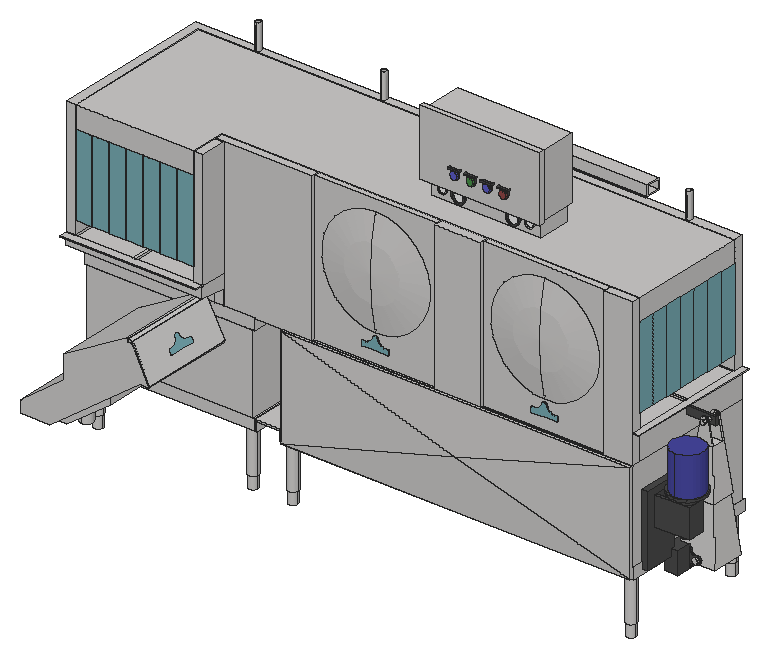
Revit family (continued)
Dimensions and locks (in)
  locked: plane 19 to plane 2 "Left of Main Body" at 0.25
  locked: plane 5 "RIGHT" to plane 20 at 0.25
  locked: plane 3 "BACK" to plane 21 at 1.625
  locked: plane 6 "FRONT" to plane 22 at 1.625
  equal spacing: plane 2 "Left of Main Body", plane 23 "Door Center", plane 5 "RIGHT"
  "Single Door Opening": plane 24 to plane 25
  locked: plane 14 "Top of Machine" to plane 26 "Top of Opening" at 4
  locked: plane 23 "Door Center" to Blend 6 sketch curve at 0.03125  (x2)
  locked: Extrusion 9 sketch curve to plane 22 at 1.125
  locked: plane 27 to level at 2.25
  plane 19 to Extrusion 10 sketch curve = 0' - 1 1/4"
  plane 18 to Extrusion 10 sketch curve = 0' - 1 1/2"
  locked: plane 18 to Extrusion 11 sketch curve at 1.5
  locked: plane 19 to Extrusion 11 sketch curve at 1.25
  locked: plane 18 to Extrusion 12 sketch curve at 1.5
  locked: Extrusion 12 sketch curve to plane 20 at 1.25
  locked: Extrusion 13 sketch curve to plane 20 at 1.25
  locked: plane 18 to Extrusion 13 sketch curve at 1.5
  locked: Extrusion 16 sketch curve to plane 20 at 1.25
  locked: Extrusion 16 sketch curve to plane 17 at 1.5
  locked: Extrusion 17 sketch curve to plane 20 at 1.25
  locked: Extrusion 17 sketch curve to plane 17 at 1.5
  locked: Extrusion 14 sketch curve to plane 17 at 1.5
  locked: plane 19 to Extrusion 14 sketch curve at 1.25
  locked: Extrusion 15 sketch curve to plane 17 at 1.5
  locked: plane 19 to Extrusion 15 sketch curve at 1.25
  plane 32 "Front of Lower Panel" to plane 6 "FRONT" = 0' - 6 1/2"
  locked: plane 33 to plane 32 "Front of Lower Panel" at 6
  locked: plane 34 to plane 6 "FRONT" at 6
  locked: plane 35 "Back of Panel" to plane 34 at 7
  locked: plane 34 to plane 36 "Front of Upper Panel" at 1
  locked: Extrusion 22 sketch curve to plane 28 at 5
  locked: Extrusion 22 sketch curve to plane 14 "Top of Machine" at 1.5
  locked: Extrusion 23 sketch curve to plane 28 at 2
  locked: Extrusion 23 sketch curve to plane 14 "Top of Machine" at 1.75
  locked: Extrusion 26 sketch curve to plane 29 at 5
  locked: Extrusion 26 sketch curve to plane 14 "Top of Machine" at 1.5
  locked: Extrusion 27 sketch curve to plane 29 at 2
  locked: Extrusion 27 sketch curve to plane 14 "Top of Machine" at 1.75
  Extrusion 34 sketch curve to plane 30 = 1' - 3 1/2"
  locked: Extrusion 36 sketch curve to plane 15 "Panel Top" at 4.12493
  locked: plane 39 to plane 10 "Right End Cowl" at 0.125
  locked: plane 11 to plane 40 at 3.875
  locked: plane 41 to plane 42 at 24.875
  locked: plane 42 to plane 6 "FRONT" at 0.0625
  plane 43 "Top of Vents" to plane 14 "Top of Machine" = 0' - 4"
  locked: Extrusion 41 sketch curve to plane 5 "RIGHT" at 1.375
  plane 5 "RIGHT" to Extrusion 43 sketch curve = 0' - 6 1/4"
  plane 5 "RIGHT" to Extrusion 46 sketch curve = 0' - 6 1/4"
  plane 5 "RIGHT" to Extrusion 47 sketch curve = 0' - 6 1/4"
  plane 5 "RIGHT" to Blend 45 sketch curve = 0' - 6 1/4"
  locked: Extrusion 58 sketch curve to plane 3 "BACK" at 0.75
  locked: plane 47 to plane 14 "Top of Machine" at 2
  locked: plane 46 to plane 3 "BACK" at 3
  Extrusion 61 sketch curve to plane 14 "Top of Machine" = 1' - 1"
  locked: plane 31 to Extrusion 61 sketch curve at 1
  Extrusion 62 sketch curve to plane 3 "BACK" = 0' - 3"
  locked: plane 48 to plane 3 "BACK" at 5
  locked: plane 49 to plane 14 "Top of Machine" at 29
  "Single Door Opening": plane 50 to plane 51
  locked: Extrusion 58 sketch curve to plane 5 "RIGHT" at 9
  locked: Extrusion 71 sketch curve to plane 3 "BACK" at 0.75
  locked: plane 40 to plane 39 at 2.9375
  locked: plane 5 "RIGHT" to plane 10 "Right End Cowl" at 10
  locked: plane 51 to plane 5 "RIGHT" at 5.25
  locked: plane 2 "Left of Main Body" to plane 24 at 5.25
  locked: plane 24 to plane 52 at 0.25
  locked: plane 53 to plane 25 at 0.125
  locked: plane 54 to plane 25 at 1.4375
  locked: plane 50 to plane 55 at 0.125
  locked: plane 50 to plane 56 at 1.4375
  locked: plane 57 to plane 51 at 0.25
  locked: plane 58 "LEFT" to plane 2 "Left of Main Body" at 36
  plane 58 "LEFT" to plane 5 "RIGHT" = 8' - 4"
  locked: plane 61 to plane 60 at 1.5
  locked: plane 62 to plane 60 at 0.1875
  locked: plane 60 to plane 65 at 10
  locked: plane 60 to plane 63 at 3.0625
  locked: plane 64 to plane 63 at 3.875
  locked: plane 65 to plane 66 at 0.125
  locked: plane 59 to plane 67 at 1.625
  locked: plane 59 to plane 69 at 10.125
  locked: plane 69 to plane 70 at 4
  locked: plane 59 to plane 72 at 5.5
  locked: plane 73 to plane 59 at 1
  Extrusion 62 sketch curve to plane 5 "RIGHT" = 0' - 5"
  plane 59 to Extrusion 71 sketch curve = 2' - 11.00274"
  plane 68 to plane 3 "BACK" = 3' - 7"
  aligned and locked: level to plane 1
  aligned and locked: Extrusion 1 sketch curve to plane 18
  aligned and locked: Extrusion 1 sketch curve to plane 19
  aligned and locked: plane 20 to Extrusion 1 sketch curve
  aligned and locked: Extrusion 1 to plane 12 "Bottom of Machine"
  aligned and locked: plane 16 to Extrusion 1
  aligned and locked: plane 2 "Left of Main Body" to Extrusion 2 sketch curve
  aligned and locked: Extrusion 2 sketch curve to plane 5 "RIGHT"
  aligned and locked: plane 6 "FRONT" to Extrusion 2 sketch curve
  aligned and locked: plane 3 "BACK" to Extrusion 2 sketch curve
  aligned and locked: plane 15 "Panel Top" to Extrusion 2
  aligned and locked: Extrusion 2 to plane 16
  aligned and locked: plane 5 "RIGHT" to Extrusion 3 sketch curve
  aligned and locked: plane 6 "FRONT" to Extrusion 3 sketch curve
  aligned and locked: plane 9 "Right of Ledge" to Extrusion 3 sketch curve
  aligned and locked: plane 3 "BACK" to Extrusion 3 sketch curve
  aligned and locked: plane 3 "BACK" to Extrusion 4 sketch curve
  aligned and locked: Extrusion 4 sketch curve to plane 22
  aligned and locked: Extrusion 4 to plane 15 "Panel Top"
  aligned and locked: Extrusion 5 sketch curve to plane 24
  aligned and locked: plane 15 "Panel Top" to Extrusion 5 sketch curve
  aligned and locked: Extrusion 5 to plane 22
  aligned and locked: Extrusion 5 sketch curve to plane 14 "Top of Machine"
  aligned and locked: plane 2 "Left of Main Body" to Blend 6 sketch curve
  aligned and locked: plane 12 "Bottom of Machine" to Blend 6 sketch curve
  aligned and locked: Blend 6 sketch curve to plane 15 "Panel Top"
  aligned and locked: Blend 6 sketch curve to plane 5 "RIGHT"
  aligned and locked: plane 6 "FRONT" to Extrusion 1 sketch curve
  aligned and locked: plane 2 "Left of Main Body" to Extrusion 7 sketch curve
  aligned and locked: Extrusion 7 sketch curve to plane 6 "FRONT"
  aligned and locked: plane 17 to Extrusion 7 sketch curve
  aligned and locked: Extrusion 7 sketch curve to plane 5 "RIGHT"
  aligned and locked: Extrusion 7 to plane 12 "Bottom of Machine"
  aligned and locked: plane 15 "Panel Top" to Extrusion 7
  aligned and locked: Extrusion 8 sketch curve to plane 14 "Top of Machine"
  aligned and locked: Extrusion 8 sketch curve to plane 5 "RIGHT"
  aligned and locked: plane 15 "Panel Top" to Extrusion 8 sketch curve
  aligned and locked: Extrusion 8 to plane 22
  aligned and locked: Extrusion 9 sketch curve to plane 25
  aligned and locked: plane 22 to Extrusion 9 sketch curve
  aligned and locked: plane 24 to Extrusion 9 sketch curve
  aligned and locked: Extrusion 9 to plane 15 "Panel Top"
  aligned and locked: plane 27 to Extrusion 10
  aligned and locked: Extrusion 11 to plane 27
  aligned and locked: plane 12 "Bottom of Machine" to Extrusion 11
  aligned and locked: plane 22 to Extrusion 18 sketch curve
  aligned and locked: plane 5 "RIGHT" to Extrusion 18 sketch curve  (x7)
  aligned and locked: plane 21 to Extrusion 18 sketch curve
  aligned and locked: Extrusion 19 sketch curve to plane 33
  aligned and locked: plane 32 "Front of Lower Panel" to Extrusion 19 sketch curve
  aligned and locked: plane 28 to Extrusion 19 sketch curve
  aligned and locked: plane 29 to Extrusion 19 sketch curve
  aligned and locked: Extrusion 20 sketch curve to plane 35 "Back of Panel"
  aligned and locked: plane 34 to Extrusion 20 sketch curve
  aligned and locked: plane 37 to Extrusion 20 sketch curve
  aligned and locked: Extrusion 20 sketch curve to plane 38
  aligned and locked: Extrusion 21 sketch curve to plane 34
  aligned and locked: plane 36 "Front of Upper Panel" to Extrusion 21 sketch curve
  aligned and locked: plane 30 to Extrusion 21 sketch curve
  aligned and locked: Extrusion 21 sketch curve to plane 31
  aligned and locked: Extrusion 24 sketch curve to Extrusion 23  (x2)
  aligned and locked: Extrusion 25 sketch curve to Extrusion 22  (x2)
  aligned and locked: Extrusion 28 sketch curve to Extrusion 27  (x2)
  aligned and locked: Extrusion 29 sketch curve to Extrusion 26  (x2)
  aligned and locked: Extrusion 37 sketch curve to plane 14 "Top of Machine"
  aligned and locked: Extrusion 37 sketch curve to plane 6 "FRONT"
  aligned and locked: plane 22 to Extrusion 37 sketch curve
  aligned and locked: plane 21 to Extrusion 37 sketch curve
  aligned and locked: plane 3 "BACK" to Extrusion 37 sketch curve
  aligned and locked: plane 6 "FRONT" to Extrusion 38 sketch curve
  aligned and locked: Extrusion 38 sketch curve to plane 14 "Top of Machine"
  aligned and locked: plane 3 "BACK" to Extrusion 38 sketch curve
  aligned and locked: plane 21 to Extrusion 38 sketch curve
  aligned and locked: plane 26 "Top of Opening" to Extrusion 38 sketch curve
  aligned and locked: plane 22 to Extrusion 38 sketch curve
  aligned and locked: Extrusion 38 to plane 39
  aligned and locked: plane 39 to Extrusion 37
  aligned and locked: Extrusion 39 sketch curve to plane 11
  aligned and locked: plane 40 to Extrusion 39 sketch curve
  aligned and locked: plane 41 to Extrusion 39 sketch curve
  aligned and locked: Extrusion 39 sketch curve to plane 42
  aligned and locked: Extrusion 40 sketch curve to Extrusion 39  (x4)
  aligned and locked: Extrusion 44 sketch curve to Extrusion 42
  aligned and locked: Blend 45 sketch curve to Extrusion 44  (x2)
  aligned and locked: Extrusion 54 sketch curve to Extrusion 52  (x2)
  aligned and locked: Extrusion 41 to plane 5 "RIGHT"
  aligned and locked: Extrusion 48 to plane 5 "RIGHT"
  aligned: nested 1 to cut or joined group of Extrusion 37, Extrusion 40
  aligned and locked: plane 11 to nested 1
  aligned and locked: plane 40 to nested 1
  aligned and locked: plane 42 to nested 1
  aligned and locked: nested 1 to plane 41
  aligned and locked: Extrusion 59 to plane 44
  aligned and locked: Extrusion 59 to plane 45
  aligned and locked: Extrusion 60 to plane 45
  aligned and locked: Extrusion 60 to plane 44
  aligned and locked: plane 3 "BACK" to curve 1
  aligned and locked: curve 3 to plane 5 "RIGHT"
  aligned and locked: plane 6 "FRONT" to curve 2
  aligned and locked: curve 5 to plane 10 "Right End Cowl"
  aligned and locked: plane 44 to curve 7
  aligned and locked: plane 45 to curve 9
  aligned and locked: curve 8 to plane 46
  aligned and locked: plane 9 "Right of Ledge" to curve 10
  aligned and locked: curve 11 to plane 35 "Back of Panel"
  aligned and locked: plane 34 to curve 13
  aligned and locked: plane 37 to curve 12
  aligned and locked: curve 14 to plane 38
  aligned and locked: plane 30 to curve 18
  aligned and locked: plane 36 "Front of Upper Panel" to curve 17
  aligned and locked: curve 16 to plane 31
  aligned and locked: plane 42 to curve 22
  aligned and locked: curve 23 to plane 40
  aligned and locked: plane 11 to curve 21
  aligned and locked: curve 20 to plane 41
  aligned and locked: Extrusion 63 sketch curve to plane 18  (x2)
  aligned and locked: plane 48 to Extrusion 63 sketch curve
  aligned and locked: plane 45 to Extrusion 63 sketch curve
  aligned and locked: Extrusion 63 sketch curve to plane 46
  aligned and locked: plane 44 to Extrusion 63 sketch curve
  aligned: plane 43 "Top of Vents" to Extrusion 63
  aligned and locked: plane 4 "TOP" to Extrusion 63
  aligned and locked: plane 14 "Top of Machine" to Extrusion 64 sketch curve
  aligned and locked: Extrusion 64 sketch curve to plane 25
  aligned and locked: plane 24 to Extrusion 64 sketch curve
  aligned and locked: Extrusion 64 sketch curve to plane 49
  aligned and locked: Extrusion 64 to plane 22
  aligned and locked: Extrusion 63 sketch curve to plane 9 "Right of Ledge"
  aligned and locked: Extrusion 65 sketch curve to plane 48
  aligned and locked: Extrusion 65 sketch curve to plane 9 "Right of Ledge"
  aligned and locked: plane 18 to Extrusion 65 sketch curve
  aligned and locked: Extrusion 65 sketch curve to plane 10 "Right End Cowl"
  aligned and locked: plane 4 "TOP" to Extrusion 65
  aligned and locked: curve 26 to plane 10 "Right End Cowl"
  aligned and locked: curve 25 to plane 48
  aligned and locked: Extrusion 67 sketch curve to plane 51
  aligned and locked: plane 50 to Extrusion 67 sketch curve
  aligned and locked: Extrusion 68 sketch curve to plane 51
  aligned and locked: plane 50 to Extrusion 68 sketch curve
  aligned and locked: plane 51 to Extrusion 8 sketch curve
  aligned and locked: plane 25 to Extrusion 70 sketch curve
  aligned and locked: Extrusion 70 sketch curve to plane 50
  aligned and locked: Extrusion 70 sketch curve to plane 14 "Top of Machine"
  aligned and locked: plane 15 "Panel Top" to Extrusion 70 sketch curve
  aligned and locked: Extrusion 70 to plane 22
  aligned and locked: Extrusion 70 to plane 6 "FRONT"
  aligned and locked: Extrusion 72 sketch curve to Extrusion 62  (x2)
  aligned and locked: plane 22 to Extrusion 74 sketch curve
  aligned and locked: plane 52 to Extrusion 74 sketch curve
  aligned and locked: plane 6 "FRONT" to Extrusion 74 sketch curve
  aligned and locked: Extrusion 74 sketch curve to plane 53
  aligned and locked: plane 55 to Extrusion 75 sketch curve
  aligned and locked: Extrusion 75 sketch curve to plane 57
  aligned and locked: plane 22 to Extrusion 75 sketch curve
  aligned and locked: plane 6 "FRONT" to Extrusion 75 sketch curve
  aligned and locked: Extrusion 74 to plane 15 "Panel Top"
  aligned and locked: Extrusion 75 to plane 15 "Panel Top"
  aligned and locked: plane 24 to curve 38
  aligned and locked: plane 51 to curve 43
  aligned and locked: plane 59 to Extrusion 91 sketch curve
  aligned and locked: plane 60 to Extrusion 84 sketch curve
  aligned and locked: plane 59 to Extrusion 84 sketch curve
  aligned and locked: Extrusion 84 sketch curve to plane 67
  aligned and locked: plane 59 to Extrusion 82 sketch curve
  aligned and locked: plane 67 to Extrusion 82 sketch curve
  aligned and locked: Extrusion 82 sketch curve to plane 60
  aligned and locked: plane 60 to Extrusion 94 sketch curve
  aligned and locked: Extrusion 83 sketch curve to plane 60
  aligned and locked: plane 69 to Extrusion 104 sketch curve
  aligned and locked: Extrusion 104 sketch curve to plane 70
  aligned and locked: Extrusion 110 sketch curve to Extrusion 109  (x2)
  aligned and locked: plane 60 to Extrusion 114 sketch curve
  aligned and locked: plane 73 to Extrusion 114 sketch curve
  aligned and locked: cut or joined group of Extrusion 37, Extrusion 40 to plane 5 "RIGHT"
Automatic sketch dimensions
  Extrusion 30 sketch curve to Extrusion 30 sketch curve = 0' - 1"  (x3)
  Extrusion 30 sketch curve to Extrusion 30 sketch curve = 0' - 0 1/4"  (x5)
  Extrusion 30 sketch curve to Extrusion 30 sketch curve = 0' - 0"  (x2)
  Extrusion 35 sketch curve to Extrusion 35 sketch curve = 0' - 1 1/2"  (x3)
  Extrusion 35 sketch curve to Extrusion 35 sketch curve = 0' - 0 3/4"  (x4)
  Extrusion 35 sketch curve to Extrusion 35 sketch curve = 0' - 0"  (x3)
  Extrusion 35 sketch curve to Extrusion 35 sketch curve = 0' - 0 7/8"  (x4)
  Extrusion 30 sketch curve to Extrusion 30 sketch curve = 0' - 2"  (x4)
  Extrusion 117 sketch curve to Extrusion 117 sketch curve = 0' - 1"  (x3)
  Extrusion 117 sketch curve to Extrusion 117 sketch curve = 0' - 0 1/4"  (x5)
  Extrusion 117 sketch curve to Extrusion 117 sketch curve = 0' - 0"  (x2)
  Extrusion 122 sketch curve to Extrusion 122 sketch curve = 0' - 1 1/2"  (x3)
  Extrusion 122 sketch curve to Extrusion 122 sketch curve = 0' - 0 3/4"  (x4)
  Extrusion 122 sketch curve to Extrusion 122 sketch curve = 0' - 0"  (x3)
  Extrusion 122 sketch curve to Extrusion 122 sketch curve = 0' - 0 7/8"  (x4)
  Extrusion 117 sketch curve to Extrusion 117 sketch curve = 0' - 2"  (x4)
  curve 24 to plane 73 = 0' - 0"
  curve 49 to plane 59 = 0' - 0"
  plane 68 to curve 52 = 0' - 0"
  plane 65 to curve 50 = 0' - 0"
  plane 63 to curve 50 = 0' - 0"
  plane 65 to curve 55 = 0' - 0"
  plane 63 to curve 55 = 0' - 0"
  plane 61 to curve 49 = 0' - 0"
  curve 48 to plane 60 = 0' - 0"
  plane 22 to curve 27 = 0' - 0"
  curve 27 to plane 24 = 0' - 0"
  curve 28 to plane 25 = 0' - 0"
  plane 22 to curve 32 = 0' - 0"
  curve 32 to plane 50 = 0' - 0"
  curve 34 to plane 51 = 0' - 0"
  curve 25 to plane 9 "Right of Ledge" = 0' - 0"
  plane 65 to curve 63 = 0' - 0"
  curve 63 to plane 60 = 0' - 0"
  curve 29 to plane 6 "FRONT" = 0' - 0"
  curve 33 to plane 6 "FRONT" = 0' - 0"
  curve 27 to plane 6 "FRONT" = 0' - 0"
  curve 31 to plane 6 "FRONT" = 0' - 0"
  curve 26 to plane 18 = 0' - 0"
  plane 67 to curve 52 = 0' - 0 1/2"
  curve 55 to plane 70 = 0' - 7.65172"
  curve 55 to curve 49 = 0' - 3.22328"
  curve 54 to curve 53 = 0' - 4.14695"
  curve 53 to plane 17 = 0' - 0.31996"
  curve 47 to plane 6 "FRONT" = 0' - 0.00746"
  plane 42 to curve 34 = 0' - 0 7/16"
  plane 42 to curve 30 = 0' - 0 7/16"
  plane 3 "BACK" to curve 46 = 0' - 0.00746"
  Extrusion 4 sketch curve to plane 6 "FRONT" = 0' - 0"
  Extrusion 4 sketch curve to plane 5 "RIGHT" = 0' - 0"
  Extrusion 4 sketch curve to plane 58 "LEFT" = 0' - 0"
  plane 19 to Extrusion 4 sketch curve = 0' - 10.72149"
  plane 19 to Extrusion 5 sketch curve = 1' - 0.34649"
  plane 16 to Blend 6 sketch curve = 0' - 7 7/32"
  Blend 6 sketch curve to Blend 6 sketch curve = 0' - 0 1/16"
  Extrusion 18 sketch curve to plane 36 "Front of Upper Panel" = 0' - 0 3/8"
  Extrusion 18 sketch curve to Extrusion 18 sketch curve = 0' - 0 1/8"  (x6)
  plane 32 "Front of Lower Panel" to Extrusion 18 sketch curve = 0' - 1 1/4"
  Extrusion 18 sketch curve to plane 33 = 0' - 1 5/8"
  Extrusion 18 sketch curve to plane 5 "RIGHT" = 0' - 0 1/8"  (x7)
  plane 35 "Back of Panel" to Extrusion 18 sketch curve = 0' - 1"
  Extrusion 18 sketch curve to Extrusion 18 sketch curve = 0' - 3"  (x2)
  Extrusion 22 sketch curve to Extrusion 22 sketch curve = 0' - 0"  (x2)
  Extrusion 23 sketch curve to Extrusion 23 sketch curve = 0' - 0"  (x2)
  Extrusion 26 sketch curve to Extrusion 26 sketch curve = 0' - 0"  (x2)
  Extrusion 27 sketch curve to Extrusion 27 sketch curve = 0' - 0"  (x2)
  plane 44 to Extrusion 36 sketch curve = 0' - 1.49793"
  Extrusion 36 sketch curve to Extrusion 36 sketch curve = 0' - 0.25142"  (x2)
  Extrusion 36 sketch curve to Extrusion 36 sketch curve = 0' - 0.25483"
  plane 44 to Extrusion 36 sketch curve = 0' - 0.94306"
  Extrusion 36 sketch curve to plane 44 = 0' - 0.38874"
  Extrusion 36 sketch curve to plane 44 = 0' - 0.58031"
  Extrusion 36 sketch curve to Extrusion 36 sketch curve = 0' - 0.41934"
  Extrusion 36 sketch curve to plane 44 = 0' - 1"
  Extrusion 36 sketch curve to Extrusion 36 sketch curve = 0' - 0.42496"
  Extrusion 36 sketch curve to Extrusion 36 sketch curve = 0' - 0"
  Extrusion 36 sketch curve to Extrusion 36 sketch curve = 0' - 1.22253"
  Extrusion 36 sketch curve to Extrusion 36 sketch curve = 0' - 1.51845"
  Extrusion 36 sketch curve to Extrusion 36 sketch curve = 0' - 1.63184"
  Extrusion 36 sketch curve to Extrusion 36 sketch curve = 0' - 0.00341"
  Extrusion 36 sketch curve to plane 13 "Table Height" = 0' - 2.43574"  (x2)
  Extrusion 36 sketch curve to Extrusion 36 sketch curve = 0' - 0.48493"  (x2)
  Extrusion 36 sketch curve to Extrusion 36 sketch curve = 0' - 0.08323"
  plane 16 to Extrusion 36 sketch curve = 0' - 6.6719"
  Extrusion 37 sketch curve to plane 41 = 0' - 0 1/16"
  plane 42 to Extrusion 37 sketch curve = 0' - 0 1/16"
  Extrusion 37 sketch curve to plane 14 "Top of Machine" = 0' - 0 1/8"
  Extrusion 37 sketch curve to plane 26 "Top of Opening" = 0' - 0.88572"
  Extrusion 37 sketch curve to Extrusion 37 sketch curve = 0' - 0.05178"  (x2)
  Extrusion 37 sketch curve to Extrusion 37 sketch curve = 0' - 1 1/2"  (x2)
  Extrusion 37 sketch curve to Extrusion 37 sketch curve = 0' - 0.17678"  (x2)
  plane 13 "Table Height" to Extrusion 37 sketch curve = 0' - 5.17678"
  Extrusion 38 sketch curve to plane 26 "Top of Opening" = 0' - 0 15/16"
  Extrusion 38 sketch curve to Extrusion 38 sketch curve = 0' - 1 5/8"  (x2)
  plane 13 "Table Height" to Extrusion 38 sketch curve = 0' - 5 1/8"
  Extrusion 39 sketch curve to plane 42 = 0' - 0 1/8"
  plane 41 to Extrusion 39 sketch curve = 0' - 0 1/8"
  Extrusion 39 sketch curve to plane 11 = 0' - 0 1/8"
  plane 40 to Extrusion 39 sketch curve = 0' - 0 1/8"
  plane 20 to Extrusion 41 sketch curve = 0' - 0"
  Extrusion 41 sketch curve to plane 5 "RIGHT" = 0' - 0"
  Extrusion 41 sketch curve to plane 16 = 0' - 0"
  plane 12 "Bottom of Machine" to Extrusion 41 sketch curve = 0' - 0 15/16"
  Extrusion 41 sketch curve to plane 15 "Panel Top" = 0' - 4 9/16"
  Extrusion 42 sketch curve to plane 22 = 0' - 1 5/8"
  Extrusion 42 sketch curve to plane 40 = 0' - 0 11/16"  (x2)
  Extrusion 42 sketch curve to plane 36 "Front of Upper Panel" = 0' - 1 1/2"
  Extrusion 42 sketch curve to plane 36 "Front of Upper Panel" = 0' - 0 3/16"
  Extrusion 42 sketch curve to plane 32 "Front of Lower Panel" = 0' - 0 1/8"
  plane 40 to Extrusion 42 sketch curve = 0' - 0 15/16"
  Extrusion 42 sketch curve to plane 9 "Right of Ledge" = 0' - 0 3/8"
  Extrusion 42 sketch curve to plane 9 "Right of Ledge" = 0' - 0 1/8"
  Extrusion 43 sketch curve to plane 36 "Front of Upper Panel" = 0' - 0 3/16"
  Blend 45 sketch curve to plane 36 "Front of Upper Panel" = 0' - 0 3/16"
  Extrusion 46 sketch curve to plane 36 "Front of Upper Panel" = 0' - 0 3/16"
  Extrusion 47 sketch curve to plane 36 "Front of Upper Panel" = 0' - 0 3/16"
  Extrusion 48 sketch curve to plane 5 "RIGHT" = 0' - 0"
  plane 11 to Extrusion 48 sketch curve = 0' - 1 3/16"
  Extrusion 48 sketch curve to plane 40 = 0' - 1 7/16"
  Extrusion 48 sketch curve to plane 13 "Table Height" = 0' - 2 5/16"
  Extrusion 48 sketch curve to Extrusion 48 sketch curve = 0' - 0 3/4"
  Extrusion 48 sketch curve to plane 13 "Table Height" = 0' - 0 13/16"
  Extrusion 49 sketch curve to plane 16 = 0' - 0"
  plane 20 to Extrusion 49 sketch curve = 0' - 0"
  Extrusion 49 sketch curve to plane 5 "RIGHT" = 0' - 0"
  Extrusion 49 sketch curve to plane 11 = 0' - 0 5/16"
  Extrusion 49 sketch curve to plane 12 "Bottom of Machine" = 0' - 1 9/16"
  Extrusion 49 sketch curve to Extrusion 49 sketch curve = 0' - 0 7/16"
  Extrusion 50 sketch curve to Extrusion 50 sketch curve = 0' - 0"  (x2)
  plane 12 "Bottom of Machine" to Extrusion 50 sketch curve = 0' - 0 7/16"
  plane 11 to Extrusion 50 sketch curve = 0' - 1 3/16"
  plane 11 to Extrusion 50 sketch curve = 0' - 0 9/16"  (x2)
  Extrusion 50 sketch curve to plane 12 "Bottom of Machine" = 0' - 0 5/16"
  plane 11 to Extrusion 50 sketch curve = 0' - 0 3/16"  (x2)
  Extrusion 50 sketch curve to plane 11 = 0' - 0 1/16"  (x2)
  Extrusion 50 sketch curve to Extrusion 50 sketch curve = 0' - 0 1/4"
  Extrusion 50 sketch curve to Extrusion 50 sketch curve = 0' - 0 5/16"
  Extrusion 50 sketch curve to plane 16 = 0' - 0 1/8"
  Extrusion 51 sketch curve to Extrusion 51 sketch curve = 0' - 0"  (x2)
  plane 12 "Bottom of Machine" to Extrusion 51 sketch curve = 0' - 0 7/16"
  plane 11 to Extrusion 51 sketch curve = 0' - 1 3/16"
  plane 11 to Extrusion 51 sketch curve = 0' - 0 9/16"  (x2)
  Extrusion 51 sketch curve to plane 12 "Bottom of Machine" = 0' - 0 5/16"
  plane 11 to Extrusion 51 sketch curve = 0' - 0 3/16"  (x2)
  Extrusion 51 sketch curve to plane 11 = 0' - 0 1/16"  (x2)
  Extrusion 51 sketch curve to Extrusion 51 sketch curve = 0' - 0 1/4"
  Extrusion 51 sketch curve to Extrusion 51 sketch curve = 0' - 0 5/16"
  Extrusion 51 sketch curve to plane 16 = 0' - 0 1/8"
  Extrusion 52 sketch curve to Extrusion 52 sketch curve = 0' - 0"  (x6)
  plane 15 "Panel Top" to Extrusion 52 sketch curve = 0' - 0 3/16"
  Extrusion 52 sketch curve to plane 40 = 0' - 1 1/4"
  plane 11 to Extrusion 52 sketch curve = 0' - 1.92562"
  Extrusion 52 sketch curve to Extrusion 52 sketch curve = 0' - 0.36312"  (x2)
  Extrusion 52 sketch curve to Extrusion 52 sketch curve = 0' - 0 3/8"
  Extrusion 52 sketch curve to plane 11 = 0' - 0 1/4"
  Extrusion 52 sketch curve to plane 13 "Table Height" = 0' - 1 9/16"
  Extrusion 52 sketch curve to Extrusion 52 sketch curve = 0' - 0.13295"
  Extrusion 53 sketch curve to Extrusion 53 sketch curve = 0' - 0"  (x6)
  plane 15 "Panel Top" to Extrusion 53 sketch curve = 0' - 0 3/16"
  Extrusion 53 sketch curve to plane 40 = 0' - 1 1/4"
  plane 11 to Extrusion 53 sketch curve = 0' - 1.92562"
  Extrusion 53 sketch curve to Extrusion 53 sketch curve = 0' - 0.36312"  (x2)
  Extrusion 53 sketch curve to Extrusion 53 sketch curve = 0' - 0 3/8"
  Extrusion 53 sketch curve to plane 11 = 0' - 0 1/4"
  Extrusion 53 sketch curve to plane 13 "Table Height" = 0' - 1 9/16"
  Extrusion 53 sketch curve to Extrusion 53 sketch curve = 0' - 0.13295"
  Blend 55 sketch curve to plane 9 "Right of Ledge" = 0' - 0 5/16"
  Blend 55 sketch curve to plane 33 = 0' - 2 1/4"
  plane 35 "Back of Panel" to Blend 55 sketch curve = 0' - 1 3/4"
  Blend 55 sketch curve to plane 40 = 0' - 0 1/4"
  Blend 55 sketch curve to plane 11 = 0' - 0 1/4"
  Blend 55 sketch curve to plane 33 = 0' - 1 1/4"
  plane 35 "Back of Panel" to Blend 55 sketch curve = 0' - 0 3/4"
  Blend 55 sketch curve to plane 40 = 0' - 1 1/4"
  plane 40 to Blend 56 sketch curve = 0' - 0 1/2"
  plane 32 "Front of Lower Panel" to Blend 56 sketch curve = 0' - 3"
  plane 35 "Back of Panel" to Blend 56 sketch curve = 0' - 2 1/2"
  plane 9 "Right of Ledge" to Blend 56 sketch curve = 0' - 0 7/16"
  Blend 56 sketch curve to plane 9 "Right of Ledge" = 0' - 0 9/16"
  Blend 56 sketch curve to plane 33 = 0' - 2"
  plane 35 "Back of Panel" to Blend 56 sketch curve = 0' - 1 1/2"
  Blend 56 sketch curve to plane 40 = 0' - 0 1/2"
  Extrusion 57 sketch curve to Extrusion 57 sketch curve = 0' - 0"  (x2)
  plane 12 "Bottom of Machine" to Extrusion 57 sketch curve = 0' - 0 7/16"
  plane 11 to Extrusion 57 sketch curve = 0' - 1 11/16"
  Extrusion 57 sketch curve to Extrusion 57 sketch curve = 0' - 0 1/2"
  Extrusion 58 sketch curve to Extrusion 58 sketch curve = 0' - 0"  (x2)
  Extrusion 59 sketch curve to plane 47 = 0' - 0"
  Extrusion 59 sketch curve to plane 14 "Top of Machine" = 0' - 0"
  Extrusion 59 sketch curve to plane 46 = 0' - 0"
  Extrusion 59 sketch curve to plane 46 = 0' - 0 1/8"
  Extrusion 59 sketch curve to plane 18 = 0' - 0 1/8"
  Extrusion 59 sketch curve to Extrusion 59 sketch curve = 0' - 0 1/8"
  plane 14 "Top of Machine" to Extrusion 59 sketch curve = 0' - 0 1/8"
  Extrusion 59 sketch curve to plane 47 = 0' - 0 1/8"
  Extrusion 60 sketch curve to plane 3 "BACK" = 0' - 0"
  Extrusion 60 sketch curve to plane 14 "Top of Machine" = 0' - 0"
  Extrusion 60 sketch curve to plane 3 "BACK" = 0' - 0 1/4"
  Extrusion 60 sketch curve to Extrusion 60 sketch curve = 0' - 0 1/8"
  Extrusion 62 sketch curve to Extrusion 62 sketch curve = 0' - 0"  (x2)
  curve 6 to plane 6 "FRONT" = 0' - 0"
  plane 3 "BACK" to curve 5 = 0' - 0"
  curve 2 to plane 9 "Right of Ledge" = 0' - 0"
  curve 1 to plane 58 "LEFT" = 0' - 0"
  plane 19 to curve 2 = 0' - 10 3/4"
  Extrusion 63 sketch curve to plane 73 = 0' - 0"
  Revolve 66 sketch curve to plane 17 = 0' - 0"
  Revolve 66 sketch curve to plane 64 = 0' - 0.44496"
  plane 42 to Revolve 66 sketch curve = 0' - 0 7/16"
  plane 32 "Front of Lower Panel" to Revolve 66 sketch curve = 0' - 2 3/4"
  Revolve 66 sketch curve to plane 26 "Top of Opening" = 0' - 7.74993"
  plane 48 to Revolve 66 sketch curve = 1' - 5.49935"
  Revolve 66 sketch curve to plane 26 "Top of Opening" = 0' - 8"  (x2)
  plane 22 to Extrusion 67 sketch curve = 0' - 0"
  plane 42 to Extrusion 67 sketch curve = 0' - 0 7/16"
  Extrusion 68 sketch curve to plane 14 "Top of Machine" = 0' - 0"
  Extrusion 68 sketch curve to plane 49 = 0' - 0"
  Revolve 69 sketch curve to plane 17 = 0' - 0"
  Revolve 69 sketch curve to plane 64 = 0' - 0.44496"
  plane 42 to Revolve 69 sketch curve = 0' - 0 7/16"
  plane 32 "Front of Lower Panel" to Revolve 69 sketch curve = 0' - 2 3/4"
  Revolve 69 sketch curve to plane 26 "Top of Opening" = 0' - 7.74993"
  plane 48 to Revolve 69 sketch curve = 1' - 5.49935"
  Revolve 69 sketch curve to plane 26 "Top of Opening" = 0' - 8"  (x2)
  Extrusion 71 sketch curve to Extrusion 71 sketch curve = 0' - 0"  (x2)
  Extrusion 73 sketch curve to plane 45 = 0' - 3.49793"
  Extrusion 73 sketch curve to Extrusion 73 sketch curve = 0' - 0.25142"  (x2)
  Extrusion 73 sketch curve to Extrusion 73 sketch curve = 0' - 0.25483"
  Extrusion 73 sketch curve to Extrusion 73 sketch curve = 0' - 0.30345"
  Extrusion 73 sketch curve to plane 45 = 0' - 1.61126"
  Extrusion 73 sketch curve to plane 45 = 0' - 1.41969"
  Extrusion 73 sketch curve to Extrusion 73 sketch curve = 0' - 0.41934"
  Extrusion 73 sketch curve to plane 45 = 0' - 1"
  Extrusion 73 sketch curve to Extrusion 73 sketch curve = 0' - 0.42496"
  Extrusion 73 sketch curve to Extrusion 73 sketch curve = 0' - 0"
  Extrusion 73 sketch curve to plane 45 = 0' - 0.38874"
  plane 45 to Extrusion 73 sketch curve = 0' - 0.94306"
  plane 45 to Extrusion 73 sketch curve = 0' - 1.2431"
  Extrusion 73 sketch curve to Extrusion 73 sketch curve = 0' - 0.00341"
  plane 16 to Extrusion 73 sketch curve = 0' - 6.6719"
  plane 15 "Panel Top" to Extrusion 73 sketch curve = 0' - 2.07309"  (x2)
  Extrusion 73 sketch curve to Extrusion 73 sketch curve = 0' - 0.08323"
  Extrusion 73 sketch curve to Extrusion 73 sketch curve = 0' - 0.48493"  (x2)
  Extrusion 73 sketch curve to plane 13 "Table Height" = 0' - 1.37507"
  Extrusion 76 sketch curve to plane 24 = 0' - 0"
  Extrusion 76 sketch curve to plane 6 "FRONT" = 0' - 0 1/4"
  Extrusion 77 sketch curve to plane 24 = 0' - 0"
  Extrusion 77 sketch curve to plane 6 "FRONT" = 0' - 0 1/4"
  Sweep 78 sketch curve to plane 6 "FRONT" = 0' - 0"  (x2)
  Sweep 78 sketch curve to plane 17 = 0' - 0 1/8"  (x2)
  Sweep 78 sketch curve to Sweep 78 sketch curve = 0' - 0 1/2"
  plane 13 "Table Height" to Sweep 78 sketch curve = 0' - 3 13/16"
  Sweep 78 sketch curve to plane 26 "Top of Opening" = 0' - 4 15/16"
  Sweep 78 sketch curve to plane 54 = 0' - 0"
  Sweep 78 sketch curve to profile plane = 0' - 0"
  curve 37 to plane 54 = 0' - 0"
  curve 42 to plane 56 = 0' - 0"
  curve 40 to plane 6 "FRONT" = 0' - 0"
  curve 39 to plane 6 "FRONT" = 0' - 0"
  curve 38 to plane 6 "FRONT" = 0' - 0"
  curve 36 to plane 6 "FRONT" = 0' - 0"
  curve 41 to plane 6 "FRONT" = 0' - 0"
  curve 43 to plane 6 "FRONT" = 0' - 0"
  curve 44 to plane 6 "FRONT" = 0' - 0"
  curve 35 to plane 6 "FRONT" = 0' - 0"
  curve 44 to plane 50 = 0' - 0"
  curve 39 to plane 25 = 0' - 0"
  curve 37 to plane 17 = 0' - 0 5/8"
  curve 42 to plane 17 = 0' - 0 5/8"
  plane 56 to curve 40 = 0' - 0 3/8"
  plane 54 to curve 36 = 0' - 0 3/8"
  Extrusion 79 sketch curve to plane 51 = 0' - 0"
  Extrusion 79 sketch curve to plane 6 "FRONT" = 0' - 0 1/4"
  Extrusion 80 sketch curve to plane 51 = 0' - 0"
  Extrusion 80 sketch curve to plane 6 "FRONT" = 0' - 0 1/4"
  Sweep 81 sketch curve to plane 6 "FRONT" = 0' - 0"  (x2)
  Sweep 81 sketch curve to plane 17 = 0' - 0 1/8"  (x2)
  Sweep 81 sketch curve to Sweep 81 sketch curve = 0' - 0 1/2"
  plane 13 "Table Height" to Sweep 81 sketch curve = 0' - 3 13/16"
  Sweep 81 sketch curve to plane 26 "Top of Opening" = 0' - 4 15/16"
  Sweep 81 sketch curve to plane 56 = 0' - 0"
  Sweep 81 sketch curve to profile plane = 0' - 0"
  Extrusion 82 sketch curve to Extrusion 82 sketch curve = 0' - 0"  (x2)
  Extrusion 82 sketch curve to plane 60 = 0' - 0"
  Extrusion 82 sketch curve to plane 5 "RIGHT" = 0' - 0"  (x2)
  plane 32 "Front of Lower Panel" to Extrusion 82 sketch curve = 0' - 2.74254"
  Extrusion 82 sketch curve to plane 33 = 0' - 0.25746"
  plane 33 to Extrusion 82 sketch curve = 0' - 0.24254"
  Extrusion 82 sketch curve to plane 21 = 0' - 0.00746"
  plane 3 "BACK" to Extrusion 82 sketch curve = 0' - 0.00746"
  Extrusion 82 sketch curve to plane 70 = 0' - 1 5/8"
  Extrusion 83 sketch curve to plane 5 "RIGHT" = 0' - 0"
  Extrusion 83 sketch curve to plane 67 = 0' - 0"
  plane 22 to Extrusion 83 sketch curve = 0' - 0.00746"
  Extrusion 83 sketch curve to plane 21 = 0' - 0.00746"
  Extrusion 83 sketch curve to plane 70 = 0' - 9 1/4"
  Extrusion 84 sketch curve to plane 5 "RIGHT" = 0' - 0"
  Extrusion 84 sketch curve to plane 21 = 0' - 0.00746"
  plane 3 "BACK" to Extrusion 84 sketch curve = 0' - 0.00746"
  Extrusion 85 sketch curve to plane 60 = 0' - 0"
  plane 61 to Extrusion 85 sketch curve = 0' - 0"
  Extrusion 85 sketch curve to plane 59 = 0' - 0"
  plane 19 to Extrusion 85 sketch curve = 0' - 10.72149"
  Extrusion 86 sketch curve to plane 14 "Top of Machine" = 0' - 0"
  Extrusion 86 sketch curve to plane 67 = 0' - 0"
  Extrusion 86 sketch curve to plane 59 = 0' - 0"
  plane 13 "Table Height" to Extrusion 86 sketch curve = 0' - 3 1/2"
  Extrusion 86 sketch curve to plane 70 = 0' - 9 1/4"
  Extrusion 86 sketch curve to plane 14 "Top of Machine" = 0' - 0 1/8"
  Extrusion 86 sketch curve to plane 70 = 0' - 10 3/4"
  Extrusion 86 sketch curve to Extrusion 86 sketch curve = 0' - 0 1/8"
  plane 59 to Extrusion 86 sketch curve = 0' - 0 1/8"
  Extrusion 86 sketch curve to Extrusion 86 sketch curve = 0' - 0.17678"  (x2)
  Extrusion 86 sketch curve to Extrusion 86 sketch curve = 0' - 1.44822"
  Extrusion 86 sketch curve to Extrusion 86 sketch curve = 0' - 0.05178"  (x2)
  Extrusion 86 sketch curve to plane 26 "Top of Opening" = 0' - 2 9/16"
  Extrusion 86 sketch curve to plane 26 "Top of Opening" = 0' - 0 15/16"
  Extrusion 87 sketch curve to plane 14 "Top of Machine" = 0' - 0"
  Extrusion 87 sketch curve to plane 26 "Top of Opening" = 0' - 0"
  Extrusion 87 sketch curve to plane 67 = 0' - 0"
  Extrusion 87 sketch curve to plane 59 = 0' - 0"
  plane 13 "Table Height" to Extrusion 87 sketch curve = 0' - 3 1/2"
  Extrusion 87 sketch curve to plane 70 = 0' - 9 1/4"
  Extrusion 87 sketch curve to Extrusion 87 sketch curve = 0' - 1 5/8"  (x2)
  Extrusion 87 sketch curve to plane 26 "Top of Opening" = 0' - 2 9/16"
  Extrusion 87 sketch curve to plane 26 "Top of Opening" = 0' - 0 15/16"
  plane 63 to Extrusion 88 sketch curve = 0' - 0"
  plane 64 to Extrusion 88 sketch curve = 0' - 0"
  plane 19 to Extrusion 88 sketch curve = 0' - 10.78399"
  Extrusion 88 sketch curve to Extrusion 88 sketch curve = 0' - 0 1/8"
  plane 59 to Extrusion 88 sketch curve = 0' - 0 3/16"
  plane 59 to Extrusion 88 sketch curve = 0' - 0 1/16"
  plane 63 to Extrusion 88 sketch curve = 0' - 0 1/8"
  Extrusion 88 sketch curve to plane 64 = 0' - 0 1/8"
  Extrusion 89 sketch curve to plane 6 "FRONT" = 0' - 0.00746"
  Extrusion 89 sketch curve to plane 18 = 0' - 0.00746"
  plane 19 to Extrusion 89 sketch curve = 0' - 4.97149"
  Extrusion 89 sketch curve to plane 58 "LEFT" = 0' - 0.34649"
  Extrusion 90 sketch curve to plane 6 "FRONT" = 0' - 0.00746"
  Extrusion 90 sketch curve to plane 18 = 0' - 0.00746"
  plane 19 to Extrusion 90 sketch curve = 0' - 4.97149"
  Extrusion 90 sketch curve to plane 58 "LEFT" = 0' - 0.34649"
  Extrusion 91 sketch curve to plane 6 "FRONT" = 0' - 0.00746"
  plane 3 "BACK" to Extrusion 91 sketch curve = 0' - 0.00746"
  plane 19 to Extrusion 91 sketch curve = 0' - 5.34649"
  Extrusion 92 sketch curve to plane 60 = 0' - 0"  (x7)
  Extrusion 92 sketch curve to plane 70 = 0' - 0"
  Extrusion 92 sketch curve to plane 67 = 0' - 0"
  Extrusion 92 sketch curve to plane 60 = 0' - 0 1/8"  (x6)
  plane 70 to Extrusion 92 sketch curve = 0' - 3"
  Extrusion 92 sketch curve to Extrusion 92 sketch curve = 0' - 0 1/8"  (x6)
  Extrusion 92 sketch curve to Extrusion 92 sketch curve = 0' - 3"  (x2)
  plane 69 to Extrusion 92 sketch curve = 0' - 0 7/8"
  Extrusion 92 sketch curve to plane 69 = 0' - 2 1/4"
  plane 72 to Extrusion 92 sketch curve = 0' - 0 3/4"
  Extrusion 92 sketch curve to Extrusion 92 sketch curve = 0' - 0"
  Extrusion 93 sketch curve to plane 62 = 0' - 0"
  Extrusion 93 sketch curve to plane 6 "FRONT" = 0' - 0"
  Extrusion 93 sketch curve to plane 13 "Table Height" = 0' - 2 3/4"
  Extrusion 93 sketch curve to plane 13 "Table Height" = 0' - 2 1/8"
  Extrusion 93 sketch curve to plane 13 "Table Height" = 0' - 0 1/4"
  Extrusion 94 sketch curve to plane 6 "FRONT" = 0' - 0.00746"
  plane 19 to Extrusion 94 sketch curve = 0' - 10.72149"
  Extrusion 94 sketch curve to Extrusion 94 sketch curve = 0' - 1 5/8"
  plane 21 to Extrusion 95 sketch curve = 0' - 0.61754"
  plane 19 to Extrusion 95 sketch curve = 0' - 6.09649"
  plane 21 to Extrusion 96 sketch curve = 0' - 0.61754"
  plane 19 to Extrusion 96 sketch curve = 0' - 6.09649"
  Extrusion 97 sketch curve to plane 22 = 0' - 0.63246"
  Extrusion 97 sketch curve to plane 19 = 0' - 6.09649"
  Extrusion 98 sketch curve to plane 22 = 0' - 0.63246"
  Extrusion 98 sketch curve to plane 19 = 0' - 6.09649"
  Extrusion 99 sketch curve to plane 67 = 0' - 0 3/8"
  plane 21 to Extrusion 99 sketch curve = 0' - 0.61754"
  Extrusion 100 sketch curve to plane 67 = 0' - 0 3/8"
  plane 21 to Extrusion 100 sketch curve = 0' - 0.61754"
  plane 67 to Extrusion 101 sketch curve = 0' - 0 3/8"
  Extrusion 101 sketch curve to plane 22 = 0' - 0.63246"
  plane 67 to Extrusion 102 sketch curve = 0' - 0 3/8"
  Extrusion 102 sketch curve to plane 22 = 0' - 0.63246"
  Extrusion 103 sketch curve to plane 12 "Bottom of Machine" = 0' - 0"  (x2)
  Extrusion 103 sketch curve to plane 16 = 0' - 0"
  plane 19 to Extrusion 103 sketch curve = 0' - 4.97149"
  Extrusion 103 sketch curve to Extrusion 103 sketch curve = 0' - 0 3/8"
  plane 19 to Extrusion 103 sketch curve = 0' - 0.34649"
  Extrusion 103 sketch curve to plane 19 = 0' - 0.02851"
  Extrusion 103 sketch curve to plane 16 = 0' - 0 3/8"
  plane 16 to Extrusion 104 sketch curve = 0' - 7 1/4"
  Extrusion 104 sketch curve to Extrusion 104 sketch curve = 0' - 4"
  plane 69 to Extrusion 105 sketch curve = 0' - 0"
  plane 15 "Panel Top" to Extrusion 105 sketch curve = 0' - 1.49387"
  Extrusion 105 sketch curve to plane 70 = 0' - 7.46422"
  Extrusion 105 sketch curve to Extrusion 105 sketch curve = 0' - 0 3/32"
  plane 15 "Panel Top" to Extrusion 105 sketch curve = 0' - 0 31/32"
  Extrusion 105 sketch curve to Extrusion 105 sketch curve = 0' - 0 3/16"
  plane 15 "Panel Top" to Extrusion 105 sketch curve = 0' - 0.66948"
  Extrusion 105 sketch curve to Extrusion 105 sketch curve = 0' - 0.82223"
  Extrusion 105 sketch curve to Extrusion 105 sketch curve = 0' - 1.51751"
  Extrusion 105 sketch curve to Extrusion 105 sketch curve = 0' - 0.15"
  Extrusion 105 sketch curve to Extrusion 105 sketch curve = 0' - 0.20624"
  Extrusion 105 sketch curve to Extrusion 105 sketch curve = 0' - 1.05738"
  Extrusion 105 sketch curve to Extrusion 105 sketch curve = 0' - 0.05624"
  Extrusion 105 sketch curve to plane 15 "Panel Top" = 0' - 5.08197"
  Extrusion 105 sketch curve to Extrusion 105 sketch curve = 0' - 0.22074"
  plane 12 "Bottom of Machine" to Extrusion 105 sketch curve = 0' - 0 3/4"
  plane 72 to Extrusion 105 sketch curve = 0' - 2.03342"
  plane 67 to Extrusion 105 sketch curve = 0' - 0 1/2"
  plane 16 to Extrusion 105 sketch curve = 0' - 1"
  plane 16 to Extrusion 105 sketch curve = 0' - 7"
  Extrusion 105 sketch curve to Extrusion 105 sketch curve = 0' - 0.36096"
  Extrusion 105 sketch curve to Extrusion 105 sketch curve = 0' - 0.00052"
  Extrusion 105 sketch curve to Extrusion 105 sketch curve = 0' - 0.2"
  Extrusion 105 sketch curve to Extrusion 105 sketch curve = 0' - 4 3/8"
  Extrusion 106 sketch curve to plane 70 = 0' - 3.20842"
  plane 69 to Extrusion 106 sketch curve = 0' - 0.82074"
  plane 12 "Bottom of Machine" to Extrusion 106 sketch curve = 0' - 0 3/4"
  Extrusion 106 sketch curve to Extrusion 106 sketch curve = 0' - 1.77083"
  plane 16 to Extrusion 106 sketch curve = 0' - 4.77187"
  Extrusion 106 sketch curve to Extrusion 106 sketch curve = 0' - 1 21/64"
  plane 19 to Extrusion 107 sketch curve = 0' - 9.80514"
  Extrusion 107 sketch curve to Extrusion 107 sketch curve = 0' - 0.05518"  (x2)
  Extrusion 107 sketch curve to plane 15 "Panel Top" = 0' - 5.05263"
  plane 15 "Panel Top" to Extrusion 107 sketch curve = 0' - 0.72001"
  Extrusion 107 sketch curve to Extrusion 107 sketch curve = 0' - 3.06937"
  plane 15 "Panel Top" to Extrusion 107 sketch curve = 0' - 1.11891"
  Extrusion 107 sketch curve to Extrusion 107 sketch curve = 0' - 0.07053"
  plane 15 "Panel Top" to Extrusion 107 sketch curve = 0' - 1.20708"
  Extrusion 107 sketch curve to Extrusion 107 sketch curve = 0' - 0.10142"
  Extrusion 107 sketch curve to Extrusion 107 sketch curve = 0' - 0.16555"
  plane 15 "Panel Top" to Extrusion 107 sketch curve = 0' - 1.01251"
  Extrusion 107 sketch curve to Extrusion 107 sketch curve = 0' - 0.56757"
  plane 15 "Panel Top" to Extrusion 107 sketch curve = 0' - 1.33149"
  Extrusion 107 sketch curve to Extrusion 107 sketch curve = 0' - 0 1/16"
  Extrusion 107 sketch curve to Extrusion 107 sketch curve = 0' - 0 3/32"  (x2)
  Extrusion 107 sketch curve to Extrusion 107 sketch curve = 0' - 0.02934"
  plane 71 to Extrusion 108 sketch curve = 0' - 0.19589"
  Extrusion 108 sketch curve to plane 71 = 0' - 0.05553"
  Extrusion 108 sketch curve to plane 71 = 0' - 0.05894"
  Extrusion 108 sketch curve to plane 71 = 0' - 0.35898"
  plane 63 to Extrusion 108 sketch curve = 0' - 0.87828"
  plane 63 to Extrusion 108 sketch curve = 0' - 1.06985"
  Extrusion 108 sketch curve to Extrusion 108 sketch curve = 0' - 0.41934"
  plane 63 to Extrusion 108 sketch curve = 0' - 1.48954"
  Extrusion 108 sketch curve to Extrusion 108 sketch curve = 0' - 0.42496"
  Extrusion 108 sketch curve to Extrusion 108 sketch curve = 0' - 0"  (x2)
  Extrusion 108 sketch curve to Extrusion 108 sketch curve = 0' - 1.22253"
  Extrusion 108 sketch curve to plane 64 = 0' - 0.44239"
  Extrusion 108 sketch curve to plane 64 = 0' - 0.14236"
  Extrusion 108 sketch curve to plane 64 = 0' - 0.13895"
  plane 64 to Extrusion 108 sketch curve = 0' - 0.11247"
  Extrusion 108 sketch curve to Extrusion 108 sketch curve = 0' - 11.90119"
  Extrusion 108 sketch curve to Extrusion 108 sketch curve = 0' - 0.08323"
  Extrusion 108 sketch curve to Extrusion 108 sketch curve = 0' - 0.48493"  (x2)
  Extrusion 108 sketch curve to Extrusion 108 sketch curve = 0' - 1.96861"
  Extrusion 109 sketch curve to Extrusion 109 sketch curve = 0' - 0"  (x2)
  Extrusion 109 sketch curve to plane 71 = 0' - 0"
  Extrusion 109 sketch curve to plane 72 = 0' - 0"
  Extrusion 111 sketch curve to Extrusion 111 sketch curve = 0' - 0"  (x2)
  Extrusion 111 sketch curve to plane 72 = 0' - 0"
  Extrusion 111 sketch curve to plane 12 "Bottom of Machine" = 0' - 1 1/2"
  Extrusion 112 sketch curve to Extrusion 112 sketch curve = 0' - 0"  (x2)
  Extrusion 112 sketch curve to plane 21 = 0' - 1 3/8"
  Extrusion 112 sketch curve to plane 12 "Bottom of Machine" = 0' - 1 1/2"
  Extrusion 113 sketch curve to plane 21 = 0' - 1 3/8"
  Extrusion 113 sketch curve to plane 12 "Bottom of Machine" = 0' - 1 1/2"
  Extrusion 114 sketch curve to plane 58 "LEFT" = 0' - 0.34649"
  Extrusion 114 sketch curve to plane 18 = 0' - 0.00746"
  plane 65 to Extrusion 115 sketch curve = 0' - 0"
  Extrusion 115 sketch curve to plane 73 = 0' - 0"
  Extrusion 115 sketch curve to plane 60 = 0' - 0"
  Extrusion 115 sketch curve to plane 58 "LEFT" = 0' - 0.34649"
  Extrusion 116 sketch curve to plane 64 = 0' - 0 1/8"
  plane 63 to Extrusion 116 sketch curve = 0' - 0 1/8"
  Extrusion 116 sketch curve to plane 70 = 0' - 10 11/16"
  plane 59 to Extrusion 116 sketch curve = 0' - 0 3/16"
  curve 56 to plane 59 = 0' - 0"
  plane 65 to curve 56 = 0' - 0"
  plane 64 to curve 59 = 0' - 0"
  plane 63 to curve 62 = 0' - 0"
  curve 56 to plane 60 = 0' - 0"
  plane 62 to curve 58 = 0' - 0 1/16"
  plane 59 to curve 59 = 0' - 0 1/16"
  plane 19 to curve 61 = 0' - 10.78399"
  curve 58 to curve 61 = 0' - 0 1/16"
  Extrusion 123 sketch curve to Extrusion 123 sketch curve = 0' - 0"  (x2)
  Extrusion 123 sketch curve to plane 41 = 0' - 0 11/16"
  Extrusion 123 sketch curve to plane 69 = 0' - 1.87774"
  curve 66 to plane 53 = 0' - 0.46423"
  plane 35 "Back of Panel" to curve 66 = 0' - 1.50599"
  curve 65 to plane 23 "Door Center" = 0' - 0.33923"
  plane 35 "Back of Panel" to curve 65 = 0' - 4.00038"
  curve 65 to plane 53 = 0' - 0.46423"
  curve 65 to plane 21 = 0' - 3.88023"
  plane 7 "Left of Top" to curve 64 = 0' - 2.41077"
  radius of Extrusion 31 sketch curve = 0' - 0 5/8"
  radius of Extrusion 32 sketch curve = 0' - 0 5/8"
  radius of Extrusion 33 sketch curve = 0' - 0 5/8"
  radius of Extrusion 34 sketch curve = 0' - 0 5/8"
  radius of Extrusion 118 sketch curve = 0' - 0 5/8"
  radius of Extrusion 119 sketch curve = 0' - 0 5/8"
  radius of Extrusion 120 sketch curve = 0' - 0 5/8"
  radius of Extrusion 121 sketch curve = 0' - 0 5/8"
  radius of Extrusion 10 sketch curve = 0' - 0 13/16"
  radius of Extrusion 11 sketch curve = 0' - 0 15/16"
  radius of Extrusion 12 sketch curve = 0' - 0 13/16"
  radius of Extrusion 13 sketch curve = 0' - 0 15/16"
  radius of Extrusion 14 sketch curve = 0' - 0 13/16"
  radius of Extrusion 15 sketch curve = 0' - 0 15/16"
  radius of Extrusion 16 sketch curve = 0' - 0 13/16"
  radius of Extrusion 17 sketch curve = 0' - 0 15/16"
  radius of Extrusion 22 sketch curve = 0' - 1 1/4"
  radius of Extrusion 22 sketch curve = 0' - 1"
  radius of Extrusion 23 sketch curve = 0' - 0 3/4"
  radius of Extrusion 23 sketch curve = 0' - 0 7/8"
  radius of Extrusion 26 sketch curve = 0' - 1 1/4"
  radius of Extrusion 26 sketch curve = 0' - 1"
  radius of Extrusion 27 sketch curve = 0' - 0 3/4"
  radius of Extrusion 27 sketch curve = 0' - 0 7/8"
  radius of Extrusion 43 sketch curve = 0' - 1 1/16"
  radius of Blend 45 sketch curve = 0' - 2 1/16"
  radius of Extrusion 46 sketch curve = 0' - 3 1/4"
  radius of Extrusion 47 sketch curve = 0' - 2 7/8"
  radius of Extrusion 48 sketch curve = 0' - 0 3/8"
  radius of Extrusion 50 sketch curve = 0' - 0 1/2"
  radius of Extrusion 51 sketch curve = 0' - 0 1/2"
  radius of Extrusion 58 sketch curve = 0' - 0 3/8"
  radius of Extrusion 58 sketch curve = 0' - 0 1/2"
  radius of Extrusion 61 sketch curve = 0' - 0 1/4"
  radius of Extrusion 62 sketch curve = 0' - 1"
  radius of Extrusion 62 sketch curve = 0' - 1 1/8"
  radius of Extrusion 71 sketch curve = 0' - 0 3/8"
  radius of Extrusion 71 sketch curve = 0' - 0 1/2"
  radius of Extrusion 76 sketch curve = 0' - 0 1/4"
  radius of Extrusion 77 sketch curve = 0' - 0 1/4"
  radius of Sweep 78 sketch curve = 0' - 0 3/8"
  radius of Extrusion 79 sketch curve = 0' - 0 1/4"
  radius of Extrusion 80 sketch curve = 0' - 0 1/4"
  radius of Sweep 81 sketch curve = 0' - 0 3/8"
  radius of Extrusion 95 sketch curve = 0' - 0 13/16"
  radius of Extrusion 96 sketch curve = 0' - 0 15/16"
  radius of Extrusion 97 sketch curve = 0' - 0 13/16"
  radius of Extrusion 98 sketch curve = 0' - 0 15/16"
  radius of Extrusion 99 sketch curve = 0' - 0 13/16"
  radius of Extrusion 100 sketch curve = 0' - 0 15/16"
  radius of Extrusion 101 sketch curve = 0' - 0 13/16"
  radius of Extrusion 102 sketch curve = 0' - 0 15/16"
  radius of Extrusion 109 sketch curve = 0' - 1"
  radius of Extrusion 109 sketch curve = 0' - 1 1/8"
  radius of Extrusion 111 sketch curve = 0' - 1"
  radius of Extrusion 111 sketch curve = 0' - 1 1/8"
  radius of Extrusion 112 sketch curve = 0' - 1"
  radius of Extrusion 112 sketch curve = 0' - 1 1/8"
  radius of Extrusion 113 sketch curve = 0' - 1 1/8"
  radius of Extrusion 123 sketch curve = 0' - 0 3/8"
  radius of Extrusion 123 sketch curve = 0' - 0 1/2"
Nested families (in)
  nested 1: "QF_Stero_ER-94SC_L-R_E_EX" at (69.39022, -48.0625, 0), visible <- "Right Vent", Ventilation Remarks <- "Right Ventilation Remarks", Exhaust Volume <- "Right Exhaust Volume", Exhaust Vent Width <- "Right Exhaust Vent Width", Exhaust Vent Depth <- "Right Exhaust Vent Depth", Exhaust Static Press <- "Right Exhaust Static Press", Exhaust RI Height <- "Right Exhaust RI Height", Item Number <- "Right Exhaust Item Number", type "Nested"
    with Ventilation Remarks "", Item Number "-", Exhaust Volume 0 CFM, Exhaust Vent Width 0' - 3 7/8", Exhaust Vent Depth 2' - 0 7/8", Exhaust Static Press 0.00 in-wg, Exhaust RI Height 0' - 0"
  nested 2: "QF_Stero_ER-94SC_L-R_E_HW2" at (1.35897, -48.75, 0), Plumbing Remarks <- "Building Plumbing Remarks", Hot Water Temperature <- "Building Hot Water Temperature", Hot Water Size <- "Building Hot Water Size", Hot Water RI Height <- "Building Hot Water RI Height", Hot Water Minimum Pressure <- "Building Hot Water Minimum Pressure", Hot Water Maximum Pressure <- "Building Hot Water Maximum Pressure", Hot Water Flow <- "Building Hot Water Flow", Hot Water Consumption <- "Building Hot Water Consumption", Hot Water Connection Height <- "Building Hot Water Connection Height", Item Number <- "Building HW Item Number", type "Nested"
    with Plumbing Remarks "", Item Number "-", Hot Water Temperature 140 °F, Hot Water Size Radius 3/8", Hot Water Size 3/4", Hot Water RI Height 0' - 0", Hot Water Minimum Pressure 20.00 psi, Hot Water Maximum Pressure 20.00 psi, Hot Water Flow 0.00 GPM, Hot Water Consumption 2.00 GPM, Hot Water Connection Height 5' - 0"
Connectors (in)
  piping at (61.32772, -51, 6), driven by "Indirect Waste Flow"
    settings: on Extrusion 62, index 1, connector radius 1", flow factor 0, pipe flow 0.00 GPM, pressure drop 0.00 psi, fitting loss kfactor 0, connector angle 0.00°, fixture units 0, flow configuration 1, flow direction 2, fitting loss method 0, system type 16, connector reference index -1, connector utility 0, adjustable connector no, is connector primary yes, fitting loss table "", connector description "Right Indirect Waste"
  piping at (57.32772, -48.75, 60), driven by "Hot Water Flow"
    settings: on Extrusion 58, index 2, connector radius 3/8", flow factor 0, pipe flow 2.01 GPM, pressure drop 0.00 psi, fitting loss kfactor 0, connector angle 0.00°, fixture units 0, flow configuration 1, flow direction 1, fitting loss method 0, system type 19, connector reference index -1, connector utility 0, adjustable connector no, is connector primary no, fitting loss table "", connector description "Booster Hot Water"
  electrical at (44.32772, -59.9375, 68.5), driven by "Number of Poles", driven by "Volts", driven by "Apparent Power"
    settings: on Extrusion 61, index 3, voltage 208 V, apparent load 30082.6 VA, apparent load phase1 0 VA, apparent load phase2 0 VA, apparent load phase3 0 VA, power factor 1, load classification "Other", number of poles 1, system type 30, power factor state 1, is connector primary yes, connector utility no, sub classification motor no, connector description "Electric"
  hvac at (71.32772, -60.5, 59.5), driven by "Right Exhaust Volume", driven by "Right Exhaust Vent Depth", driven by "Right Exhaust Vent Width", driven by "Right Exhaust Vent Text"
    settings: on cut or joined group of Extrusion 39, Extrusion 40, index 5, duct flow 0 CFM, flow factor 0, pres drop 0.00 in-wg, loss coef 0, conn angle 0.00°, conn width 3 7/8", conn height 24 7/8", conn radius 12", duct sys type 3, conn prof type 1, flow config 1, flow direction 2, loss method 0, conn ref index -1, conn util no, is conn primary no, conn desc "Vent, Unload End"
  piping at (1.35897, -48.75, 60), driven by "Building Hot Water Flow"
    settings: on Extrusion 71, index 7, connector radius 3/8", flow factor 0, pipe flow 0.00 GPM, pressure drop 0.00 psi, fitting loss kfactor 0, connector angle 0.00°, fixture units 0, flow configuration 1, flow direction 1, fitting loss method 0, system type 19, connector reference index -1, connector utility 0, adjustable connector no, is connector primary no, fitting loss table "", connector description "Building Hot Water"
  piping at (-28.14377, -80.00746, 6), driven by "Indirect Waste Flow"
    settings: on Extrusion 109, index 8, connector radius 1", flow factor 0, pipe flow 0.00 GPM, pressure drop 0.00 psi, fitting loss kfactor 0, connector angle 0.00°, fixture units 0, flow configuration 1, flow direction 2, fitting loss method 0, system type 16, connector reference index -1, connector utility 0, adjustable connector no, is connector primary no, fitting loss table "", connector description "Left Indirect Waste"
  hvac at (-21.14377, -82.75746, 59.5), driven by "Exhaust Volume", driven by "Exhaust Vent Depth", driven by "Exhaust Vent Width", driven by "Exhaust Vent Text"
    settings: on cut or joined group of Extrusion 88, Extrusion 116, index 9, duct flow 0 CFM, flow factor 0, pres drop 0.00 in-wg, loss coef 0, conn angle 0.00°, conn width 24 7/8", conn height 3 7/8", conn radius 12", duct sys type 3, conn prof type 1, flow config 1, flow direction 2, loss method 0, conn ref index -1, conn util no, is conn primary yes, conn desc "Vent, Load End"
  piping at (-21.64103, -48.75, 60), driven by "Cold Water Flow"
    settings: on Extrusion 123, index 10, connector radius 3/8", flow factor 0, pipe flow 0.00 GPM, pressure drop 0.00 psi, fitting loss kfactor 0, connector angle 0.00°, fixture units 0, flow configuration 1, flow direction 1, fitting loss method 0, system type 20, connector reference index -1, connector utility 0, adjustable connector no, is connector primary no, fitting loss table "", connector description "Cold Water"
Definition of nested family "QF_Stero_ER-94SC_L-R_E_EX"
  Parameters (values of type "Nested")
    Watermarked By = "http://revitwatermark.com"
    Ventilation Remarks [instance] = ""
    Type Comments = "⍁⍉⌁⌀⏭⎽⌇⍠⌜⍉⎖⌥⌦⌯⍭⏊⍻⍿⍊⏵⍊⏗⏠⍴⎡⌈⎀⍠⌓⌤⏘⎐⍀⌐⏬⏁⎈⏍⏦⎒⏬⌝⍩⍇⌣〈⎫〉⎁⏊⍥⍖⍥⍝⍦⌖⍀⏌⏭⎝⎼⏷⏞⍻⏯⎽⏷⏞⍻⏯⎽⏷⎺⌻⎝⍎⌧⏷⏟⏿⌿⍜⍦⍤⌁⍬⏶⏎⍊⏚⏉⎞⌡⎀⎪⏈⌟⌿⍾⍼⌟⌿⌢⏮⏝⏝⏛⎽⎻⎷⎳⎻⎗⌾⍼⎴⏿⏰⏑⏮⍮⍺⏼⏅⎏⌽⌻⍽⎝⍮⎧⎯⏛⎼⎮⍾⏬⏇⏎⏳⏦⏠⎧⎳⍷⏿⌏"
    Item Number [instance] = "-"
    Exhaust Volume [instance] = 0 CFM
    Exhaust Vent Width [instance] = 1' - 4"
    Exhaust Vent Depth [instance] = 0' - 4"
    Exhaust Static Press [instance] = 0.00 in-wg
    Exhaust RI Height [instance] = 0' - 0"
    Description = ""
    Assembly Code = ""
  Reference planes (in)
    plane 1 "Center (Back)": y = 0
    plane 2: z = 0
    plane 3 "Center (Left)": x = 0
    plane 4: x = 16
    plane 5: y = -4
  Lines and regions (in)
    symbolic lines, style "QF_Multiple Utilities"
      curve 1: line (0, 0, 0) -> (16, 0, 0)
      curve 2: line (0, -4, 0) -> (0, 0, 0)
      curve 3: line (16, -4, 0) -> (0, -4, 0)
      curve 4: line (16, 0, 0) -> (16, -4, 0)
      curve 5: line (16, 0, 0) -> (0, -4, 0)
      curve 6: line (0, 0, 0) -> (16, -4, 0)
  Dimensions and locks (in)
    "Exhaust Vent Width": plane 3 "Center (Left)" to plane 4
    "Exhaust Vent Depth": plane 1 "Center (Back)" to plane 5
    aligned and locked: level to plane 2
    aligned and locked: plane 1 "Center (Back)" to curve 1
    aligned and locked: plane 3 "Center (Left)" to curve 2
    aligned and locked: curve 3 to plane 5
    aligned and locked: curve 4 to plane 4
